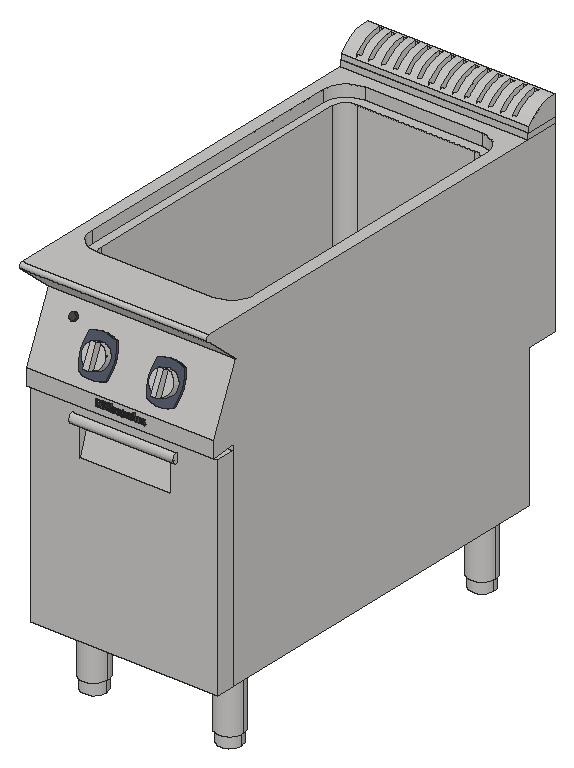
Revit family "QF_ELECTROLUXPROFESSIONAL_391410_E9OOCSBAMC", category Specialty Equipment, Revit 2018
Family settings
  Round Connector Dimension = Use Diameter
  Part Type = Normal
  Work Plane-Based = No
  Always vertical = Yes
  Cut with Voids When Loaded = No
  Shared = No
  Room Calculation Point = No
Parameters (values of type "Standard")
  Weight = 62.00 kg
  Watts = 0 W
  Volts = 0 V
  URL Manufacturer = "http://professional.electrolux.com"
  URL = "http://professional.electrolux.com"
  Steam Supply Size = 0"
  Steam Supply Minimum Pressure = 0.00 psi
  Steam Supply Maximum Pressure = 0.00 psi
  Steam Pounds per Hour = 0
  Show Logo [instance] = yes
  Show Clearance [instance] = yes
  Refrigeration Suction Line Size = 0 mm
  Refrigeration Liquid Line Size = 0 mm
  Refrigerant Compressor Remote = yes
  Phase = 0
  Model = "E9OOCSBAMC"
  Manufacturer = "Electrolux Professional"
  Length Actual = 400 mm  # constant formula
  Item Number = "391410"
  Hot Water Size = 0"
  Height Actual = 850 mm  # constant formula
  HP = "0 HP"
  Gas Size = 1/2"
  Gas KW = 16.5
  Gas Input Pressure = 0.551577 Btu/h
  Direct Waste Size = 1"
  Description = "GAS PASTA COOKER 1X40 LT WELL (AUS)"
  Depth Actual = 930 mm  # constant formula
  Cycle = 0 Hz
  Condensate Return Size = 0"
  Compressed Air Volume = 0 GPM
  Compressed Air Size = 0"
  Compressed Air Pressure = 0.00 psi
  Cold Water Size = 3/4"
  Accessory = yes
Reference planes
  plane 1 "BACK": y = 0
  plane 2: z = 0
  plane 3 "LEFT": x = 0
  plane 4 "RIGHT": x = 400
  plane 5 "FRONT": y = -930
  plane 6 "TOP": z = 908
  plane 7 "Center Y": x = 200
  plane 8 "Center X": y = -465
  plane 9 "BASE": z = 601.763
  plane 10 "TOP A": z = 851
  plane 11: z = 150
  plane 12: y = -126
  plane 13: y = -800
  plane 14: y = -1273
  plane 15: x = 345
  plane 16: x = 55
  plane 17: y = -1273
  plane 18: x = 65
  plane 19: x = 232
  plane 20: x = 334.782
Forms (mm)
  Extrusion 1, solid, material "QF_Finishes_Stainless Steel"
    sketch origin (0, 0, 0) x (0, 1, 0) y (0, 0, 1)
      loop
        line (0, 851) -> (-923.65, 851)
        arc (-923.65, 851) -> (-929.517, 847.08) -> (-928.14, 840.16) r 6.35
        line (-928.14, 840.16) -> (-852.034, 773.495) -> (-912.145, 642.892) -> (-912.145, 608.853) -> (-858.773, 614.463) -> (-858.773, 150) -> (-70, 150) -> (-70, 451.763) -> (0, 451.763) -> (0, 851)
      loop
        line (-900, 601.763) -> (-900, 150) -> (-860.361, 150) -> (-860.361, 601.763) -> (-900, 601.763)
    from 0 to 400
  Extrusion 2, void
    sketch origin (0, 0, 851) x (-1, 0, 0) y (0, -1, 0)
      loop
        arc (-75, 101.89) -> (-39.645, 116.535) -> (-25, 151.89) r 50
        line (-25, 151.89) -> (-25, 770)
        arc (-25, 770) -> (-39.645, 805.355) -> (-75, 820) r 50
        line (-75, 820) -> (-325, 820)
        arc (-325, 820) -> (-360.355, 805.355) -> (-375, 770) r 50
        line (-375, 770) -> (-375, 151.89)
        arc (-375, 151.89) -> (-360.355, 116.535) -> (-325, 101.89) r 50
        line (-325, 101.89) -> (-75, 101.89)
    from 0 to -25
  Extrusion 3, solid, material "QF_Clearances", visible <- "Show Clearance", detail levels coarse
    sketch origin (0, 0, 0) x (1, 0, 0) y (0, 1, 0)
      loop
        line (0, -930) -> (0, 0) -> (400, 0) -> (400, -930) -> (550.019, -930) -> (550.019, 150.019) -> (-150.019, 150.019) -> (-150.019, -930) -> (0, -930)
    from 0 to 908
  Revolve 4, solid, material "QF_Finishes_Stainless Steel"
    sketch origin (0, -126, 608.09) x (0, 0, 1) y (-1, 0, 0)
      loop
        line (-608.09, -55) -> (-458.09, -55) -> (-458.09, -26) -> (-583.09, -26) -> (-583.09, -28.75) -> (-608.09, -28.75) -> (-608.09, -55)
      axis (-608.09, -55) -> (-458.09, -55)
    angle from 0 to 360
  Revolve 5, solid, material "QF_Finishes_Stainless Steel"
    sketch origin (400.05, -126, 608.09) x (0, 0, 1) y (-1, 0, 0)
      loop
        line (-608.09, 55.05) -> (-608.09, 29.8) -> (-583.09, 29.8) -> (-583.09, 26.05) -> (-458.09, 26.05) -> (-458.09, 55.05) -> (-608.09, 55.05)
      axis (-608.09, 55.05) -> (-458.09, 55.05)
    angle from 0 to 360
  Extrusion 6, solid, material "QF_Door-Drawer Clearances", visible <- "Show Clearance", detail levels coarse
    sketch origin (0, 0, 851) x (-1, 0, 0) y (0, -1, 0)
      loop
        line (-400, 1273) -> (-400, 900) -> (-0.912, 900)
        arc (-0.912, 900) -> (-126.87, 1165.233) -> (-400, 1273) r 400
    from -701 to -249.237
  Revolve 7, solid, material "QF_Finishes_Stainless Steel"
    sketch origin (400.05, -800, 608.09) x (0, 0, 1) y (-1, 0, 0)
      loop
        line (-608.09, 55.05) -> (-608.09, 29.8) -> (-583.09, 29.8) -> (-583.09, 26.05) -> (-458.09, 26.05) -> (-458.09, 55.05) -> (-608.09, 55.05)
      axis (-608.09, 55.05) -> (-458.09, 55.05)
    angle from 0 to 360
  Extrusion 8, solid, material "QF_Finishes_Stainless Steel"
    sketch origin (200, 0, 0) x (0, 1, 0) y (0, 0, 1)
      loop
        line (-71.89, 863.9) -> (-71.89, 851) -> (0, 851) -> (0, 863.9) -> (-71.89, 863.9)
    from -200 to 200
  Extrusion 9, void
    sketch origin (200, -12.863, 0) x (0, 1, 0) y (0, 0, 1)
      loop
        line (-887.138, 564.263) -> (-887.138, 500.55) -> (-863.948, 564.263) -> (-887.138, 564.263)
    from -96.424 to 99.144
  Extrusion 10, solid, material "QF_Finishes_Stainless Steel"
    sketch origin (200, -12.863, 22.5) x (0, 1, 0) y (0, 0, 1)
      loop
        line (-887.137, 541.763) -> (-887.137, 561.763)
        arc (-887.137, 561.763) -> (-897.137, 551.763) -> (-887.137, 541.763) r 10
    from -110.529 to 112.106
  Revolve 11, solid, material "QF_Finishes_Stainless Steel"
    sketch origin (0, -800, 608.09) x (0, 0, 1) y (1, 0, 0)
      loop
        line (-608.09, 55) -> (-608.09, 28.75) -> (-583.09, 28.75) -> (-583.09, 26) -> (-458.09, 26) -> (-458.09, 55) -> (-608.09, 55)
      axis (-608.09, 55) -> (-458.09, 55)
    angle from 0 to 360
  Extrusion 12, solid, material "QF_Finishes_Stainless Steel"
    sketch origin (0, 0, 574.263) x (0, 1, 0) y (0, 0, 1)
      loop
        line (0, 289.638) -> (0, 333.737)
        arc (0, 333.737) -> (-39.336, 326.03) -> (-69.85, 300.038) r 79.141
        line (-69.85, 300.038) -> (-69.85, 289.638) -> (0, 289.638)
    from 0 to 400
  Extrusion 13, void
    sketch origin (0, 0, 848.9) x (0, -1, 0) y (1, 0, 0)
      loop
        line (6.761, 28.703) -> (63.911, 28.703) -> (63.911, 37.999) -> (6.761, 37.999) -> (6.761, 28.703)
      loop
        line (63.911, 63.487) -> (6.761, 63.487) -> (6.761, 54.191) -> (63.911, 54.191) -> (63.911, 63.487)
      loop
        line (63.911, 89.975) -> (6.761, 89.975) -> (6.761, 80.68) -> (63.911, 80.68) -> (63.911, 89.975)
      loop
        line (63.911, 115.464) -> (6.761, 115.464) -> (6.761, 106.168) -> (63.911, 106.168) -> (63.911, 115.464)
      loop
        line (63.911, 140.952) -> (6.761, 140.952) -> (6.761, 131.656) -> (63.911, 131.656) -> (63.911, 140.952)
      loop
        line (63.911, 166.44) -> (6.761, 166.44) -> (6.761, 157.145) -> (63.911, 157.145) -> (63.911, 166.44)
      loop
        line (63.911, 191.929) -> (6.761, 191.929) -> (6.761, 182.633) -> (63.911, 182.633) -> (63.911, 191.929)
      loop
        line (63.911, 217.417) -> (6.761, 217.417) -> (6.761, 208.121) -> (63.911, 208.121) -> (63.911, 217.417)
      loop
        line (63.911, 242.905) -> (6.761, 242.905) -> (6.761, 233.61) -> (63.911, 233.61) -> (63.911, 242.905)
      loop
        line (63.911, 268.394) -> (6.761, 268.394) -> (6.761, 259.098) -> (63.911, 259.098) -> (63.911, 268.394)
      loop
        line (63.911, 293.882) -> (6.761, 293.882) -> (6.761, 284.586) -> (63.911, 284.586) -> (63.911, 293.882)
      loop
        line (63.911, 319.37) -> (6.761, 319.37) -> (6.761, 310.075) -> (63.911, 310.075) -> (63.911, 319.37)
      loop
        line (63.911, 345.859) -> (6.761, 345.859) -> (6.761, 336.563) -> (63.911, 336.563) -> (63.911, 345.859)
      loop
        line (63.911, 370.347) -> (6.761, 370.347) -> (6.761, 361.051) -> (63.911, 361.051) -> (63.911, 370.347)
    from 25.4 to 63.5
  Extrusion 14, solid, material "QF_Finishes_Navy Blue", visible <- "Show Logo"
    sketch origin (0, -912.145, 608.853) x (0, 0, 1) y (-1, 0, 0)
      loop
        line (27.359, -159.055) -> (14.993, -159.055)
        arc (14.993, -159.055) -> (21.176, -163.626) -> (27.359, -159.055) r 6.467
      loop
        arc (27.359, -158.426) -> (26.19, -153.283) -> (21.534, -150.805) r 6.338
        line (21.534, -150.805) -> (21.534, -152.851)
        arc (21.534, -152.851) -> (23.018, -156.506) -> (26.464, -158.426) r 5.941
        line (26.464, -158.426) -> (27.359, -158.426)
      loop
        arc (15.888, -158.426) -> (19.334, -156.506) -> (20.817, -152.851) r 5.941
        line (20.817, -152.851) -> (20.817, -150.805)
        arc (20.817, -150.805) -> (16.123, -153.279) -> (14.834, -158.426) r 6.504
        line (14.834, -158.426) -> (15.888, -158.426)
      loop
        line (28.034, -150.336) -> (14.29, -150.336) -> (14.29, -164.099) -> (28.034, -164.099) -> (28.034, -150.336)
      loop
        arc (28.118, -167.066) -> (27.77, -166.709) -> (27.403, -167.047) r 0.358
        arc (27.403, -167.047) -> (27.089, -167.797) -> (26.372, -168.182) r 1.216
        line (26.372, -168.182) -> (15.959, -168.182)
        arc (15.959, -168.182) -> (15.299, -167.904) -> (14.903, -167.308) r 1.238
        arc (14.903, -167.308) -> (14.509, -167.057) -> (14.203, -167.411) r 0.358
        line (14.203, -167.411) -> (14.203, -177.29) -> (16.954, -177.29) -> (16.954, -176.393)
        arc (16.954, -176.393) -> (16.045, -175.813) -> (15.589, -174.836) r 1.928
        line (15.589, -174.836) -> (15.589, -172.337)
        arc (15.589, -172.337) -> (15.865, -171.608) -> (16.553, -171.244) r 1.101
        line (16.553, -171.244) -> (20.64, -171.244) -> (20.64, -174.917)
        arc (20.64, -174.917) -> (20.287, -175.414) -> (19.722, -175.642) r 1.083
        arc (19.722, -175.642) -> (19.459, -175.948) -> (19.751, -176.226) r 0.292
        line (19.751, -176.226) -> (22.713, -176.226)
        arc (22.713, -176.226) -> (23.016, -175.953) -> (22.777, -175.623) r 0.305
        arc (22.777, -175.623) -> (22.286, -175.375) -> (21.981, -174.917) r 1.083
        line (21.981, -174.917) -> (21.981, -171.244) -> (26.659, -171.244) -> (26.659, -174.991)
        arc (26.659, -174.991) -> (26.444, -175.747) -> (25.838, -176.245) r 1.314
        arc (25.838, -176.245) -> (25.619, -176.649) -> (25.973, -176.941) r 0.361
        line (25.973, -176.941) -> (28.118, -176.941) -> (28.118, -167.066)
      loop
        arc (27.4, -177.722) -> (27.02, -178.641) -> (26.101, -179.021) r 1.299
        line (26.101, -179.021) -> (16.522, -179.021)
        arc (16.522, -179.021) -> (15.684, -178.643) -> (15.413, -177.765) r 1.118
        line (15.413, -177.765) -> (14.203, -177.765) -> (14.203, -183.115) -> (15.391, -183.115)
        arc (15.391, -183.115) -> (15.663, -182.198) -> (16.533, -181.802) r 1.153
        line (16.533, -181.802) -> (28.605, -181.802) -> (27.4, -177.722)
      loop
        line (19.168, -185.751) -> (19.168, -192.198) -> (19.967, -192.198)
        arc (19.967, -192.198) -> (22.547, -191.214) -> (23.816, -188.76) r 3.874
        line (23.816, -188.76) -> (23.816, -187)
        arc (23.816, -187) -> (22.629, -184.135) -> (19.765, -182.949) r 4.051
        line (19.765, -182.949) -> (17.757, -182.949)
        arc (17.757, -182.949) -> (14.938, -184.434) -> (13.887, -187.441) r 4.352
        arc (13.887, -187.441) -> (14.251, -189.904) -> (15.629, -191.978) r 5.713
        line (15.629, -191.978) -> (16.578, -191.978)
        arc (16.578, -191.978) -> (15.845, -190.409) -> (15.629, -188.691) r 5.579
        arc (15.629, -188.691) -> (16.422, -186.728) -> (18.301, -185.751) r 3.057
        line (18.301, -185.751) -> (19.168, -185.751)
      loop
        line (20.427, -185.751) -> (20.427, -189.333)
        arc (20.427, -189.333) -> (21.884, -189.38) -> (22.767, -188.221) r 1.59
        line (22.767, -188.221) -> (22.767, -187.391)
        arc (22.767, -187.391) -> (21.902, -186.136) -> (20.427, -185.751) r 2.184
      loop
        arc (23.218, -201.616) -> (23.707, -199.942) -> (23.864, -198.205) r 9.023
        line (23.864, -198.205) -> (23.864, -196.843)
        arc (23.864, -196.843) -> (22.705, -194.043) -> (19.905, -192.883) r 3.959
        line (19.905, -192.883) -> (17.305, -192.883)
        arc (17.305, -192.883) -> (15.023, -194.176) -> (13.906, -196.549) r 4.331
        line (13.906, -196.549) -> (13.906, -198.684)
        arc (13.906, -198.684) -> (14.414, -200.234) -> (15.336, -201.58) r 5.772
        arc (15.336, -201.58) -> (16.098, -201.631) -> (16.184, -200.872) r 0.553
        arc (16.184, -200.872) -> (15.796, -200.138) -> (15.662, -199.319) r 2.573
        line (15.662, -199.319) -> (15.662, -197.804)
        arc (15.662, -197.804) -> (16.668, -196.162) -> (18.483, -195.52) r 2.884
        line (18.483, -195.52) -> (19.762, -195.52)
        arc (19.762, -195.52) -> (21.583, -196.08) -> (22.509, -197.745) r 2.554
        line (22.509, -197.745) -> (22.509, -198.798)
        arc (22.509, -198.798) -> (22.178, -199.726) -> (21.521, -200.461) r 2.564
        arc (21.521, -200.461) -> (21.299, -201.178) -> (21.909, -201.616) r 0.643
        line (21.909, -201.616) -> (23.218, -201.616)
      loop
        line (22.2, -201.886) -> (22.2, -203.387) -> (16.152, -203.387)
        arc (16.152, -203.387) -> (14.564, -204.045) -> (13.906, -205.633) r 2.246
        line (13.906, -205.633) -> (13.906, -207.217)
        arc (13.906, -207.217) -> (14.22, -208.081) -> (14.72, -208.853) r 4.06
        arc (14.72, -208.853) -> (15.453, -208.986) -> (15.704, -208.285) r 0.576
        arc (15.704, -208.285) -> (15.598, -207.759) -> (15.662, -207.227) r 1.69
        arc (15.662, -207.227) -> (16.204, -206.439) -> (17.11, -206.136) r 1.506
        line (17.11, -206.136) -> (22.248, -206.136) -> (22.248, -208.533) -> (22.805, -209.089) -> (23.626, -209.089) -> (23.626, -206.23) -> (26.857, -206.23) -> (22.2, -201.886)
      loop
        line (14.124, -209.987) -> (14.124, -215.374) -> (15.234, -215.374)
        arc (15.234, -215.374) -> (15.627, -214.423) -> (16.578, -214.029) r 1.345
        line (16.578, -214.029) -> (20.195, -214.029)
        arc (20.195, -214.029) -> (20.959, -214.621) -> (21.249, -215.543) r 1.615
        line (21.249, -215.543) -> (21.249, -217.099) -> (23.805, -217.784) -> (23.805, -216.401) -> (21.862, -213.842) -> (23.742, -213.842) -> (23.458, -211.136)
        arc (23.458, -211.136) -> (23.018, -210.606) -> (22.359, -210.807) r 0.621
        arc (22.359, -210.807) -> (21.959, -211.149) -> (21.465, -211.332) r 1.501
        line (21.465, -211.332) -> (16.578, -211.332)
        arc (16.578, -211.332) -> (15.627, -210.938) -> (15.234, -209.987) r 1.345
        line (15.234, -209.987) -> (14.124, -209.987)
      loop
        line (20.225, -217.321) -> (17.533, -217.321)
        arc (17.533, -217.321) -> (15.088, -218.629) -> (13.954, -221.159) r 4.288
        arc (13.954, -221.159) -> (13.89, -222.54) -> (13.954, -223.92) r 15.022
        arc (13.954, -223.92) -> (15.088, -226.451) -> (17.533, -227.758) r 4.288
        line (17.533, -227.758) -> (20.225, -227.758)
        arc (20.225, -227.758) -> (22.671, -226.451) -> (23.805, -223.92) r 4.288
        arc (23.805, -223.92) -> (23.868, -222.54) -> (23.805, -221.159) r 15.022
        arc (23.805, -221.159) -> (22.671, -218.629) -> (20.225, -217.321) r 4.288
      loop
        line (20.43, -220.435) -> (17.328, -220.435)
        arc (17.328, -220.435) -> (15.171, -222.592) -> (17.328, -224.749) r 2.157
        line (17.328, -224.749) -> (20.43, -224.749)
        arc (20.43, -224.749) -> (22.587, -222.592) -> (20.43, -220.435) r 2.157
      loop
        arc (27.411, -227.616) -> (27.041, -228.51) -> (26.147, -228.881) r 1.264
        line (26.147, -228.881) -> (16.282, -228.881)
        arc (16.282, -228.881) -> (15.412, -228.484) -> (15.141, -227.568) r 1.153
        line (15.141, -227.568) -> (14.203, -227.568) -> (14.203, -232.676) -> (15.131, -232.676)
        arc (15.131, -232.676) -> (15.49, -231.904) -> (16.282, -231.589) r 1.153
        line (16.282, -231.589) -> (28.605, -231.589) -> (27.411, -227.616)
      loop
        arc (22.531, -232.213) -> (22.332, -233.278) -> (21.363, -233.76) r 1.215
        line (21.363, -233.76) -> (16.343, -233.76)
        arc (16.343, -233.76) -> (14.728, -234.407) -> (14.008, -235.99) r 2.338
        line (14.008, -235.99) -> (14.008, -237.505)
        arc (14.008, -237.505) -> (14.182, -238.509) -> (14.684, -239.395) r 2.979
        line (14.684, -239.395) -> (14.203, -241.192) -> (14.203, -242.88) -> (23.629, -242.88) -> (23.335, -238.677) -> (22.548, -238.677)
        arc (22.548, -238.677) -> (22.192, -239.513) -> (21.44, -240.022) r 1.605
        line (21.44, -240.022) -> (16.337, -240.022)
        arc (16.337, -240.022) -> (15.917, -239.085) -> (15.844, -238.061) r 2.94
        arc (15.844, -238.061) -> (16.405, -236.96) -> (17.558, -236.517) r 1.724
        line (17.558, -236.517) -> (23.755, -236.517) -> (22.531, -232.213)
      loop
        line (23.559, -243.734) -> (21.887, -245.78) -> (18.713, -248.086) -> (15.257, -244.974)
        arc (15.257, -244.974) -> (15.02, -244.58) -> (15.042, -244.121) r 0.789
        line (15.042, -244.121) -> (14.203, -244.121) -> (14.203, -247.666) -> (15.029, -247.666)
        arc (15.029, -247.666) -> (15.372, -247.304) -> (15.862, -247.396) r 0.52
        line (15.862, -247.396) -> (17.661, -248.867) -> (15.543, -250.242)
        arc (15.543, -250.242) -> (15.142, -249.932) -> (15.055, -249.433) r 0.7
        line (15.055, -249.433) -> (14.203, -249.433) -> (14.203, -255.36) -> (15.09, -255.36)
        arc (15.09, -255.36) -> (15.157, -254.701) -> (15.552, -254.17) r 1.247
        line (15.552, -254.17) -> (19.751, -250.889) -> (22.198, -252.942) -> (23.559, -254.684) -> (23.559, -250.96) -> (22.074, -251.383) -> (20.553, -250.106) -> (22.253, -248.916) -> (23.559, -249.692) -> (23.559, -243.734)
    from 0 to 1.644
  Extrusion 15, void
    sketch origin (0, 0, 791) x (0, 1, 0) y (-1, 0, 0)
      loop
        arc (-121.89, -75) -> (-130.677, -53.787) -> (-151.89, -45) r 30
        line (-151.89, -45) -> (-606.643, -45)
        arc (-606.643, -45) -> (-627.856, -53.787) -> (-636.643, -75) r 30
        line (-636.643, -75) -> (-636.643, -325)
        arc (-636.643, -325) -> (-627.856, -346.213) -> (-606.643, -355) r 30
        line (-606.643, -355) -> (-151.89, -355)
        arc (-151.89, -355) -> (-130.677, -346.213) -> (-121.89, -325) r 30
        line (-121.89, -325) -> (-121.89, -75)
    from 35 to -339.237
  Extrusion 16, void
    sketch origin (0, -1273.285, 791) x (0, 1, 0) y (-1, 0, 0)
      loop
        line (473.285, -75) -> (473.285, -325)
        arc (473.285, -325) -> (482.072, -346.213) -> (503.285, -355) r 30
        line (503.285, -355) -> (666.643, -355)
        arc (666.643, -355) -> (645.429, -346.213) -> (636.643, -325) r 30
        line (636.643, -325) -> (636.643, -75)
        arc (636.643, -75) -> (645.429, -53.787) -> (666.643, -45) r 30
        line (666.643, -45) -> (503.285, -45)
        arc (503.285, -45) -> (482.072, -53.787) -> (473.285, -75) r 30
    from 35 to -189.237
  Extrusion 17, solid, material "QF_Finishes_Stainless Steel"
    sketch origin (0, 0, 0) x (1, 0, 0) y (0, 1, 0)
      loop
        circle (232, -780) r 12.7
    from 176 to 292.788
  Extrusion 18, solid, material "QF_Finishes_Stainless Steel"
    sketch origin (-72.372, 89.372, 0) x (1, 0, 0) y (0, 1, 0)
      loop
        circle (137.372, -792.372) r 6.35
    from 190 to 292.788
  Extrusion 19, solid, material "QF_Finishes_Stainless Steel"
    sketch origin (152.628, 92.372, 0) x (1, 0, 0) y (0, 1, 0)
      loop
        circle (182.372, -792.372) r 9.525
    from 200 to 331.575
  Extrusion 20, solid, material "QF_Finishes_Navy Blue"
    sketch origin (-405.52, -913.486, 639.979) x (0, 0.418102, 0.9084) y (-1, 0, 0)
      loop
        arc (102.623, -510.47) -> (67.041, -502.846) -> (31.333, -509.853) r 90.5
        arc (31.333, -509.853) -> (24.507, -539.04) -> (31.333, -568.228) r 65.817
        arc (31.333, -568.228) -> (67.04, -575.188) -> (102.623, -567.615) r 91.066
        arc (102.623, -567.615) -> (109.179, -539.043) -> (102.623, -510.47) r 65.546
    from 0 to 3.175
  Extrusion 21, solid, material "QF_Finishes_Stainless Steel"
    sketch origin (-26.77, -917.2, 639.505) x (0, 0.418102, 0.9084) y (-1, 0, 0)
      loop
        circle (68.826, -160.963) r 25.4
    from 0 to 12.7
  Extrusion 22, solid, material "QF_Finishes_Stainless Steel"
    sketch origin (-26.77, -928.736, 644.814) x (0, 0.418102, 0.9084) y (-1, 0, 0)
      loop
        arc (93.558, -166.749) -> (94.226, -160.963) -> (93.558, -155.177) r 25.4
        line (93.558, -155.177) -> (44.094, -155.177)
        arc (44.094, -155.177) -> (43.426, -160.963) -> (44.094, -166.749) r 25.4
        line (44.094, -166.749) -> (93.558, -166.749)
    from 0 to 12.7
  Extrusion 23, solid, material "QF_Finishes_Navy Blue"
    sketch origin (-260.52, -913.486, 639.979) x (0, 0.418102, 0.9084) y (-1, 0, 0)
      loop
        arc (102.623, -510.47) -> (67.041, -502.846) -> (31.333, -509.853) r 90.5
        arc (31.333, -509.853) -> (24.507, -539.04) -> (31.333, -568.228) r 65.817
        arc (31.333, -568.228) -> (67.04, -575.188) -> (102.623, -567.615) r 91.066
        arc (102.623, -567.615) -> (109.179, -539.043) -> (102.623, -510.47) r 65.546
    from 0 to 3.175
  Extrusion 24, solid, material "QF_Finishes_Stainless Steel"
    sketch origin (118.23, -917.2, 639.505) x (0, 0.418102, 0.9084) y (-1, 0, 0)
      loop
        circle (68.826, -160.963) r 25.4
    from 0 to 12.7
  Extrusion 25, solid, material "QF_Finishes_Stainless Steel"
    sketch origin (118.23, -928.736, 644.814) x (0, 0.418102, 0.9084) y (-1, 0, 0)
      loop
        arc (93.558, -166.749) -> (94.226, -160.963) -> (93.558, -155.177) r 25.4
        line (93.558, -155.177) -> (44.094, -155.177)
        arc (44.094, -155.177) -> (43.426, -160.963) -> (44.094, -166.749) r 25.4
        line (44.094, -166.749) -> (93.558, -166.749)
    from 0 to 12.7
  Extrusion 26, solid, material "QF_Finishes_Black"
    sketch origin (-36.317, -915, 636.69) x (0, 0.418102, 0.9084) y (-1, 0, 0)
      loop
        circle (117.556, -101.317) r 7.5
    from 0 to 4
Cuts and joins
  Extrusion 2, Extrusion 9, Extrusion 15, Extrusion 16 cuts Extrusion 1
  Extrusion 13 cuts Extrusion 12
Lines and regions (mm)
  Split face 1
    outline origin (-405.52, -916.37, 641.306) x (0, 0.418102, 0.9084) y (-1, 0, 0)
      loop
        arc (67.041, -503.158) -> (48.669, -506.69) -> (35.363, -519.842) r 32.191
        line (35.363, -519.842) -> (45.047, -525.087)
        arc (45.047, -525.087) -> (54.648, -516.737) -> (67.041, -513.859) r 26.351
        line (67.041, -513.859) -> (67.041, -503.158)
  Split face 2
    outline origin (-405.52, -916.37, 641.306) x (0, 0.418102, 0.9084) y (-1, 0, 0)
      loop
        line (44.251, -526.293) -> (34.615, -521.075)
        arc (34.615, -521.075) -> (41.047, -560.592) -> (81.049, -562.261) r 31.684
        arc (81.049, -562.261) -> (48.21, -559.05) -> (44.251, -526.293) r 26.351
  Split face 3
    outline origin (-260.52, -916.37, 641.306) x (0, 0.418102, 0.9084) y (-1, 0, 0)
      loop
        arc (67.041, -503.158) -> (48.669, -506.69) -> (35.363, -519.842) r 32.191
        line (35.363, -519.842) -> (45.047, -525.087)
        arc (45.047, -525.087) -> (54.648, -516.737) -> (67.041, -513.859) r 26.351
        line (67.041, -513.859) -> (67.041, -503.158)
  Split face 4
    outline origin (-260.52, -916.37, 641.306) x (0, 0.418102, 0.9084) y (-1, 0, 0)
      loop
        line (44.251, -526.293) -> (34.615, -521.075)
        arc (34.615, -521.075) -> (41.047, -560.592) -> (81.049, -562.261) r 31.684
        arc (81.049, -562.261) -> (48.21, -559.05) -> (44.251, -526.293) r 26.351
  symbolic lines, style "QF_Clearances", visible <- "Show Clearance", detail levels coarse
    curve 1: line (-150.019, 150.019, 851) -> (-150.019, -930, 851)
    curve 2: line (550.019, 150.019, 851) -> (-150.019, 150.019, 851)
    curve 3: line (550.019, -930, 851) -> (550.019, 150.019, 851)
  symbolic lines
    curve 4: line (0, -930, 851) -> (0, 0, 851)
    curve 5: line (400, 0, 851) -> (400, -930, 851)
    curve 6: line (400, -930, 851) -> (0, -930, 851)
    curve 9: line (0, -71.89, 851) -> (400, -71.89, 851)
    curve 10: line (0, 0, 851) -> (400, 0, 851)
    curve 11: line (28.703, -6.761, 851) -> (37.999, -6.761, 851)
    curve 12: line (28.703, -63.911, 851) -> (28.703, -6.761, 851)
    curve 13: line (37.999, -63.911, 851) -> (28.703, -63.911, 851)
    curve 14: line (37.999, -6.761, 851) -> (37.999, -63.911, 851)
    curve 15: line (54.191, -6.761, 851) -> (63.487, -6.761, 851)
    curve 16: line (54.191, -63.911, 851) -> (54.191, -6.761, 851)
    curve 17: line (63.487, -63.911, 851) -> (54.191, -63.911, 851)
    curve 18: line (63.487, -6.761, 851) -> (63.487, -63.911, 851)
    curve 19: line (80.68, -6.761, 851) -> (89.975, -6.761, 851)
    curve 20: line (80.68, -63.911, 851) -> (80.68, -6.761, 851)
    curve 21: line (89.975, -63.911, 851) -> (80.68, -63.911, 851)
    curve 22: line (89.975, -6.761, 851) -> (89.975, -63.911, 851)
    curve 23: line (106.168, -6.761, 851) -> (115.464, -6.761, 851)
    curve 24: line (106.168, -63.911, 851) -> (106.168, -6.761, 851)
    curve 25: line (115.464, -63.911, 851) -> (106.168, -63.911, 851)
    curve 26: line (115.464, -6.761, 851) -> (115.464, -63.911, 851)
    curve 27: line (131.656, -6.761, 851) -> (140.952, -6.761, 851)
    curve 28: line (131.656, -63.911, 851) -> (131.656, -6.761, 851)
    curve 29: line (140.952, -63.911, 851) -> (131.656, -63.911, 851)
    curve 30: line (140.952, -6.761, 851) -> (140.952, -63.911, 851)
    curve 31: line (157.145, -6.761, 851) -> (166.44, -6.761, 851)
    curve 32: line (157.145, -63.911, 851) -> (157.145, -6.761, 851)
    curve 33: line (166.44, -63.911, 851) -> (157.145, -63.911, 851)
    curve 34: line (166.44, -6.761, 851) -> (166.44, -63.911, 851)
    curve 35: line (182.633, -6.761, 851) -> (191.929, -6.761, 851)
    curve 36: line (182.633, -63.911, 851) -> (182.633, -6.761, 851)
    curve 37: line (191.929, -63.911, 851) -> (182.633, -63.911, 851)
    curve 38: line (191.929, -6.761, 851) -> (191.929, -63.911, 851)
    curve 39: line (208.121, -6.761, 851) -> (218.417, -6.761, 851)
    curve 40: line (208.121, -63.911, 851) -> (208.121, -6.761, 851)
    curve 41: line (218.417, -63.911, 851) -> (208.121, -63.911, 851)
    curve 42: line (218.417, -6.761, 851) -> (218.417, -63.911, 851)
    curve 43: line (234.61, -6.761, 851) -> (243.905, -6.761, 851)
    curve 44: line (234.61, -63.911, 851) -> (234.61, -6.761, 851)
    curve 45: line (243.905, -63.911, 851) -> (234.61, -63.911, 851)
    curve 46: line (243.905, -6.761, 851) -> (243.905, -63.911, 851)
    curve 47: line (260.098, -6.761, 851) -> (269.394, -6.761, 851)
    curve 48: line (260.098, -63.911, 851) -> (260.098, -6.761, 851)
    curve 49: line (269.394, -63.911, 851) -> (260.098, -63.911, 851)
    curve 50: line (269.394, -6.761, 851) -> (269.394, -63.911, 851)
    curve 51: line (285.586, -6.761, 851) -> (294.882, -6.761, 851)
    curve 52: line (285.586, -63.911, 851) -> (285.586, -6.761, 851)
    curve 53: line (294.882, -63.911, 851) -> (285.586, -63.911, 851)
    curve 54: line (294.882, -6.761, 851) -> (294.882, -63.911, 851)
    curve 55: line (311.075, -6.761, 851) -> (320.37, -6.761, 851)
    curve 56: line (311.075, -63.911, 851) -> (311.075, -6.761, 851)
    curve 57: line (320.37, -63.911, 851) -> (311.075, -63.911, 851)
    curve 58: line (320.37, -6.761, 851) -> (320.37, -63.911, 851)
    curve 59: line (336.563, -6.761, 851) -> (345.859, -6.761, 851)
    curve 60: line (336.563, -63.911, 851) -> (336.563, -6.761, 851)
    curve 61: line (345.859, -63.911, 851) -> (336.563, -63.911, 851)
    curve 62: line (345.859, -6.761, 851) -> (345.859, -63.911, 851)
    curve 63: line (361.051, -6.761, 851) -> (370.347, -6.761, 851)
    curve 64: line (361.051, -63.911, 851) -> (361.051, -6.761, 851)
    curve 65: line (370.347, -63.911, 851) -> (361.051, -63.911, 851)
    curve 66: line (370.347, -6.761, 851) -> (370.347, -63.911, 851)
    curve 67: line (25, -770, 851) -> (25, -151.89, 851)
    curve 68: arc (25, -151.89, 851) -> (39.645, -116.535, 851) -> (75, -101.89, 851) r 50
    curve 69: line (75, -101.89, 851) -> (325, -101.89, 851)
    curve 70: arc (325, -101.89, 851) -> (360.355, -116.535, 851) -> (375, -151.89, 851) r 50
    curve 71: line (375, -151.89, 851) -> (375, -770, 851)
    curve 72: arc (375, -770, 851) -> (360.355, -805.355, 851) -> (325, -820, 851) r 50
    curve 73: line (325, -820, 851) -> (75, -820, 851)
    curve 74: arc (75, -820, 851) -> (39.645, -805.355, 851) -> (25, -770, 851) r 50
    curve 75: line (75, -121.89, 851) -> (325, -121.89, 851)
    curve 76: arc (325, -121.89, 851) -> (346.213, -130.677, 851) -> (355, -151.89, 851) r 30
    curve 77: line (355, -151.89, 851) -> (355, -770, 851)
    curve 78: arc (355, -770, 851) -> (346.213, -791.213, 851) -> (325, -800, 851) r 30
    curve 79: line (325, -800, 851) -> (75, -800, 851)
    curve 80: arc (75, -800, 851) -> (53.787, -791.213, 851) -> (45, -770, 851) r 30
    curve 81: line (45, -770, 851) -> (45, -151.89, 851)
    curve 82: arc (45, -151.89, 851) -> (53.787, -130.677, 851) -> (75, -121.89, 851) r 30
    curve 83: line (75, -636.643, 851) -> (325, -636.643, 851)
    curve 84: arc (45, -606.643, 851) -> (53.787, -627.856, 851) -> (75, -636.643, 851) r 30
    curve 85: arc (325, -636.643, 851) -> (346.213, -627.856, 851) -> (355, -606.643, 851) r 30
    curve 86: line (65, -606.643, 851) -> (65, -151.89, 851)
    curve 87: line (75, -616.643, 851) -> (325, -616.643, 851)
    curve 88: arc (65, -606.643, 851) -> (67.929, -613.714, 851) -> (75, -616.643, 851) r 10
    curve 89: arc (325, -616.643, 851) -> (332.071, -613.714, 851) -> (335, -606.643, 851) r 10
    curve 90: line (335, -151.89, 851) -> (335, -606.643, 851)
    curve 91: arc (325, -141.89, 851) -> (332.071, -144.819, 851) -> (335, -151.89, 851) r 10
    curve 92: line (75, -141.89, 851) -> (325, -141.89, 851)
    curve 93: arc (65, -151.89, 851) -> (67.929, -144.819, 851) -> (75, -141.89, 851) r 10
  symbolic lines, style "QF_Door-Drawer Clearances"
    curve 7: arc (4.082, -930, 851) -> (23.737, -1008.742, 851) -> (58.881, -1081.897, 851) r 400
    curve 8: line (58.881, -1081.897, 851) -> (326.76, -930, 851)
Dimensions and locks
  equal spacing: plane 3 "LEFT", plane 7 "Center Y", plane 4 "RIGHT"
  plane 3 "LEFT" to plane 4 "RIGHT" = 400 mm
  equal spacing: plane 5 "FRONT", plane 8 "Center X", plane 1 "BACK"
  plane 5 "FRONT" to plane 1 "BACK" = 930 mm  (x2)
  plane 1 "BACK" to plane 5 "FRONT" = 930 mm
  plane 11 to level = 150 mm
  plane 1 "BACK" to plane 12 = 126 mm
  plane 12 to plane 13 to cut or joined group of Extrusion 1, Extrusion 2, Extrusion 9, Extrusion 15, Extrusion 16 = 674 mm, 100 mm
  locked: plane 14 to plane 5 "FRONT" at 343
  plane 4 "RIGHT" to plane 15 = 55 mm
  plane 16 to plane 3 "LEFT" = 55 mm
  plane 4 "RIGHT" to plane 3 "LEFT" = 400 mm
  plane 5 "FRONT" to plane 17 = 343 mm
  plane 1 "BACK" to curve 2 = 150.019 mm
  plane 4 "RIGHT" to curve 3 = 150.019 mm
  curve 1 to plane 3 "LEFT" = 150.019 mm
  plane 10 "TOP A" to level = 851 mm
  plane 10 "TOP A" to plane 11 = 701 mm
  plane 10 "TOP A" to plane 11 to level = 701 mm, 150 mm
  plane 6 "TOP" to level = 908 mm
  plane 15 to plane 16 = 290 mm
  plane 3 "LEFT" to Extrusion 17 sketch curve = 232 mm
  Extrusion 17 sketch curve to plane 1 "BACK" = 780 mm
  cut or joined group of Extrusion 1, Extrusion 2, Extrusion 9, Extrusion 15, Extrusion 16 to Extrusion 17 = 26 mm
  plane 3 "LEFT" to Extrusion 18 sketch curve = 65 mm
  Extrusion 18 sketch curve to plane 1 "BACK" = 703 mm
  cut or joined group of Extrusion 1, Extrusion 2, Extrusion 9, Extrusion 15, Extrusion 16 to Extrusion 18 = 40 mm
  Extrusion 18 to plane 1 "BACK" = 703 mm
  Extrusion 17 to plane 1 "BACK" = 780 mm
  plane 3 "LEFT" to plane 18 = 65 mm
  plane 3 "LEFT" to plane 19 = 232 mm
  plane 20 to plane 4 "RIGHT" = 65.218 mm
  Extrusion 19 to plane 1 "BACK" = 700 mm
  cut or joined group of Extrusion 1, Extrusion 2, Extrusion 9, Extrusion 15, Extrusion 16 to Extrusion 19 = 50 mm
  plane 1 "BACK" to Extrusion 19 = 700 mm
  plane 1 "BACK" to Extrusion 18 = 703 mm
  plane 1 "BACK" to Extrusion 17 = 780 mm
  aligned and locked: level to plane 2
  aligned and locked: plane 4 "RIGHT" to Extrusion 1
  aligned and locked: plane 6 "TOP" to Extrusion 3
  aligned and locked: plane 13 to Revolve 7
  aligned and locked: plane 12 to Revolve 4
  aligned and locked: plane 12 to Revolve 5
  aligned and locked: plane 4 "RIGHT" to Extrusion 8
  aligned and locked: plane 14 to Extrusion 6 sketch curve
  aligned and locked: plane 13 to Revolve 11
Automatic sketch dimensions
  Extrusion 1 sketch curve to plane 10 "TOP A" = 0 mm
  Extrusion 1 sketch curve to plane 9 "BASE" = 0 mm
  Extrusion 1 sketch curve to plane 11 = 0 mm  (x2)
  Extrusion 1 sketch curve to plane 1 "BACK" = 0 mm
  Extrusion 1 sketch curve to plane 12 = 56 mm
  plane 13 to Extrusion 1 sketch curve = 52.034 mm
  plane 13 to Extrusion 1 sketch curve = 58.773 mm
  Extrusion 1 sketch curve to Extrusion 1 sketch curve = 1.588 mm
  Extrusion 1 sketch curve to plane 5 "FRONT" = 30 mm
  plane 9 "BASE" to Extrusion 1 sketch curve = 7.09 mm
  Extrusion 1 sketch curve to Extrusion 1 sketch curve = 12.145 mm
  Extrusion 1 sketch curve to plane 5 "FRONT" = 6.35 mm
  Extrusion 1 sketch curve to plane 5 "FRONT" = 1.86 mm
  Extrusion 1 sketch curve to plane 9 "BASE" = 150 mm
  plane 9 "BASE" to Extrusion 1 sketch curve = 12.7 mm
  Extrusion 1 sketch curve to Extrusion 1 sketch curve = 34.039 mm
  Extrusion 1 sketch curve to plane 10 "TOP A" = 77.505 mm
  Extrusion 1 sketch curve to plane 10 "TOP A" = 10.84 mm
  Extrusion 2 sketch curve to plane 4 "RIGHT" = 25 mm
  plane 20 to Extrusion 2 sketch curve = 9.782 mm  (x2)
  Extrusion 2 sketch curve to plane 18 = 10 mm  (x2)
  plane 3 "LEFT" to Extrusion 2 sketch curve = 25 mm
  Extrusion 2 sketch curve to plane 12 = 24.11 mm
  Extrusion 2 sketch curve to plane 13 = 30 mm
  plane 5 "FRONT" to Extrusion 3 sketch curve = 0 mm  (x2)
  plane 1 "BACK" to Extrusion 3 sketch curve = 0 mm
  Extrusion 3 sketch curve to plane 3 "LEFT" = 0 mm
  Extrusion 3 sketch curve to plane 4 "RIGHT" = 0 mm
  Extrusion 3 sketch curve to plane 3 "LEFT" = 150.019 mm
  plane 4 "RIGHT" to Extrusion 3 sketch curve = 150.019 mm
  Extrusion 3 sketch curve to plane 1 "BACK" = 150.019 mm
  Revolve 4 sketch curve to level = 0 mm
  Revolve 4 sketch curve to plane 11 = 0 mm  (x2)
  Revolve 4 sketch curve to plane 16 = 0 mm  (x2)
  level to Revolve 4 sketch curve = 25 mm
  plane 11 to Revolve 4 sketch curve = 20 mm
  Revolve 4 sketch curve to plane 16 = 26.25 mm
  plane 3 "LEFT" to Revolve 4 sketch curve = 26 mm
  Revolve 5 sketch curve to level = 0 mm
  Revolve 5 sketch curve to plane 11 = 0 mm  (x2)
  Revolve 5 sketch curve to plane 15 = 0 mm  (x2)
  level to Revolve 5 sketch curve = 25 mm
  plane 11 to Revolve 5 sketch curve = 20 mm
  plane 15 to Revolve 5 sketch curve = 25.25 mm
  Revolve 5 sketch curve to plane 4 "RIGHT" = 26 mm
  Extrusion 6 sketch curve to plane 4 "RIGHT" = 0 mm
  plane 3 "LEFT" to Extrusion 6 sketch curve = 0.912 mm
  Extrusion 6 sketch curve to plane 5 "FRONT" = 30 mm
  Revolve 7 sketch curve to level = 0 mm
  Revolve 7 sketch curve to plane 11 = 0 mm  (x2)
  Revolve 7 sketch curve to plane 15 = 0 mm  (x2)
  level to Revolve 7 sketch curve = 25 mm
  plane 11 to Revolve 7 sketch curve = 20 mm
  plane 15 to Revolve 7 sketch curve = 25.25 mm
  Revolve 7 sketch curve to plane 4 "RIGHT" = 26 mm
  Extrusion 8 sketch curve to plane 10 "TOP A" = 0 mm
  Extrusion 8 sketch curve to plane 1 "BACK" = 0 mm
  plane 10 "TOP A" to Extrusion 8 sketch curve = 12.9 mm
  Extrusion 8 sketch curve to plane 12 = 54.11 mm
  Extrusion 9 sketch curve to plane 5 "FRONT" = 30 mm
  Extrusion 9 sketch curve to Extrusion 9 sketch curve = 23.189 mm
  Extrusion 9 sketch curve to plane 9 "BASE" = 101.212 mm
  Extrusion 9 sketch curve to plane 9 "BASE" = 37.5 mm
  Extrusion 10 sketch curve to plane 5 "FRONT" = 30 mm
  Extrusion 10 sketch curve to plane 9 "BASE" = 37.5 mm
  Extrusion 10 sketch curve to Extrusion 10 sketch curve = 10 mm
  Revolve 11 sketch curve to level = 0 mm
  Revolve 11 sketch curve to plane 11 = 0 mm  (x2)
  Revolve 11 sketch curve to plane 16 = 0 mm  (x2)
  level to Revolve 11 sketch curve = 25 mm
  plane 11 to Revolve 11 sketch curve = 20 mm
  Revolve 11 sketch curve to plane 16 = 26.25 mm
  plane 3 "LEFT" to Revolve 11 sketch curve = 26 mm
  Extrusion 12 sketch curve to plane 1 "BACK" = 0 mm
  Extrusion 12 sketch curve to plane 6 "TOP" = 0 mm
  plane 1 "BACK" to Extrusion 12 sketch curve = 4.947 mm
  plane 10 "TOP A" to Extrusion 12 sketch curve = 23.3 mm
  plane 1 "BACK" to Extrusion 12 sketch curve = 69.85 mm
  plane 10 "TOP A" to Extrusion 12 sketch curve = 12.9 mm
  plane 1 "BACK" to Extrusion 13 sketch curve = 6.761 mm  (x14)
  Extrusion 13 sketch curve to plane 20 = 1.781 mm
  plane 18 to Extrusion 13 sketch curve = 1.513 mm
  Extrusion 13 sketch curve to plane 19 = 1.61 mm
  plane 19 to Extrusion 13 sketch curve = 14.583 mm
  Extrusion 13 sketch curve to Extrusion 13 sketch curve = 57.15 mm
  Extrusion 13 sketch curve to plane 7 "Center Y" = 8.071 mm
  Extrusion 13 sketch curve to Extrusion 13 sketch curve = 0 mm  (x13)
  Extrusion 13 sketch curve to plane 19 = 10.905 mm
  plane 15 to Extrusion 13 sketch curve = 0.859 mm
  Extrusion 13 sketch curve to plane 16 = 0.809 mm
  Extrusion 13 sketch curve to Extrusion 13 sketch curve = 16.193 mm  (x7)
  Extrusion 13 sketch curve to Extrusion 13 sketch curve = 9.296 mm  (x10)
  Extrusion 13 sketch curve to plane 18 = 15.68 mm
  plane 7 "Center Y" to Extrusion 13 sketch curve = 8.121 mm
  Extrusion 13 sketch curve to Extrusion 13 sketch curve = 15.193 mm
  plane 19 to Extrusion 14 sketch curve = 9.46 mm
  plane 9 "BASE" to Extrusion 14 sketch curve = 15.936 mm
  plane 9 "BASE" to Extrusion 14 sketch curve = 20.977 mm
  plane 7 "Center Y" to Extrusion 14 sketch curve = 7.217 mm
  Extrusion 14 sketch curve to Extrusion 14 sketch curve = 5.06 mm
  Extrusion 14 sketch curve to plane 7 "Center Y" = 3.451 mm
  Extrusion 14 sketch curve to Extrusion 14 sketch curve = 0 mm  (x28)
  Extrusion 14 sketch curve to Extrusion 14 sketch curve = 5.108 mm  (x2)
  Extrusion 14 sketch curve to plane 19 = 5.505 mm
  Extrusion 14 sketch curve to Extrusion 14 sketch curve = 0.054 mm
  Extrusion 14 sketch curve to Extrusion 14 sketch curve = 0.218 mm
  Extrusion 14 sketch curve to Extrusion 14 sketch curve = 0.195 mm
  Extrusion 14 sketch curve to Extrusion 14 sketch curve = 0.249 mm
  Extrusion 14 sketch curve to Extrusion 14 sketch curve = 0.316 mm
  Extrusion 14 sketch curve to Extrusion 14 sketch curve = 0.087 mm
  Extrusion 14 sketch curve to Extrusion 14 sketch curve = 0.358 mm
  Extrusion 14 sketch curve to Extrusion 14 sketch curve = 0.481 mm
  Extrusion 14 sketch curve to Extrusion 14 sketch curve = 0.597 mm
  Extrusion 14 sketch curve to Extrusion 14 sketch curve = 0.544 mm
  Extrusion 14 sketch curve to Extrusion 14 sketch curve = 0.936 mm
  Extrusion 14 sketch curve to Extrusion 14 sketch curve = 0.594 mm
  Extrusion 14 sketch curve to Extrusion 14 sketch curve = 0.343 mm
  Extrusion 14 sketch curve to Extrusion 14 sketch curve = 0.159 mm
  Extrusion 14 sketch curve to Extrusion 14 sketch curve = 0.826 mm
  Extrusion 14 sketch curve to Extrusion 14 sketch curve = 0.839 mm
  Extrusion 14 sketch curve to Extrusion 14 sketch curve = 0.852 mm
  Extrusion 14 sketch curve to Extrusion 14 sketch curve = 0.887 mm
  Extrusion 14 sketch curve to Extrusion 14 sketch curve = 0.928 mm
  Extrusion 14 sketch curve to Extrusion 14 sketch curve = 0.938 mm
  Extrusion 14 sketch curve to Extrusion 14 sketch curve = 0.444 mm
  Extrusion 14 sketch curve to Extrusion 14 sketch curve = 1.11 mm  (x3)
  Extrusion 14 sketch curve to plane 19 = 12.974 mm
  Extrusion 14 sketch curve to Extrusion 14 sketch curve = 0.215 mm
  plane 7 "Center Y" to Extrusion 14 sketch curve = 1.58 mm
  Extrusion 14 sketch curve to Extrusion 14 sketch curve = 1.43 mm
  Extrusion 14 sketch curve to Extrusion 14 sketch curve = 1.188 mm
  Extrusion 14 sketch curve to Extrusion 14 sketch curve = 1.21 mm  (x2)
  Extrusion 14 sketch curve to Extrusion 14 sketch curve = 0.503 mm
  Extrusion 14 sketch curve to Extrusion 14 sketch curve = 0.488 mm
  Extrusion 14 sketch curve to Extrusion 14 sketch curve = 0.462 mm
  Extrusion 14 sketch curve to Extrusion 14 sketch curve = 1.386 mm
  Extrusion 14 sketch curve to Extrusion 14 sketch curve = 1.742 mm  (x2)
  Extrusion 14 sketch curve to Extrusion 14 sketch curve = 0.821 mm
  Extrusion 14 sketch curve to Extrusion 14 sketch curve = 0.497 mm
  Extrusion 14 sketch curve to Extrusion 14 sketch curve = 0.539 mm
  Extrusion 14 sketch curve to Extrusion 14 sketch curve = 0.199 mm
  Extrusion 14 sketch curve to Extrusion 14 sketch curve = 0.408 mm
  Extrusion 14 sketch curve to Extrusion 14 sketch curve = 0.528 mm
  Extrusion 14 sketch curve to Extrusion 14 sketch curve = 1.16 mm
  Extrusion 14 sketch curve to Extrusion 14 sketch curve = 0.329 mm
  Extrusion 14 sketch curve to Extrusion 14 sketch curve = 1.054 mm
  Extrusion 14 sketch curve to Extrusion 14 sketch curve = 1.056 mm
  Extrusion 14 sketch curve to Extrusion 14 sketch curve = 0.129 mm
  Extrusion 14 sketch curve to Extrusion 14 sketch curve = 0.489 mm
  Extrusion 14 sketch curve to Extrusion 14 sketch curve = 0.441 mm
  plane 19 to Extrusion 14 sketch curve = 0.411 mm
  Extrusion 14 sketch curve to Extrusion 14 sketch curve = 1.151 mm
  Extrusion 14 sketch curve to Extrusion 14 sketch curve = 1.141 mm  (x2)
  Extrusion 14 sketch curve to Extrusion 14 sketch curve = 0.768 mm
  Extrusion 14 sketch curve to Extrusion 14 sketch curve = 1.653 mm
  Extrusion 14 sketch curve to Extrusion 14 sketch curve = 0.499 mm
  Extrusion 14 sketch curve to Extrusion 14 sketch curve = 0.964 mm
  Extrusion 14 sketch curve to Extrusion 14 sketch curve = 0.949 mm
  Extrusion 14 sketch curve to Extrusion 14 sketch curve = 1.345 mm  (x3)
  Extrusion 14 sketch curve to Extrusion 14 sketch curve = 1.101 mm
  Extrusion 14 sketch curve to Extrusion 14 sketch curve = 0.432 mm
  Extrusion 14 sketch curve to Extrusion 14 sketch curve = 1.142 mm
  Extrusion 14 sketch curve to Extrusion 14 sketch curve = 0.959 mm
  Extrusion 14 sketch curve to Extrusion 14 sketch curve = 0.176 mm
  Extrusion 14 sketch curve to Extrusion 14 sketch curve = 0.728 mm
  Extrusion 14 sketch curve to Extrusion 14 sketch curve = 3.375 mm  (x2)
  Extrusion 14 sketch curve to Extrusion 14 sketch curve = 0.541 mm
  Extrusion 14 sketch curve to Extrusion 14 sketch curve = 0.955 mm
  Extrusion 14 sketch curve to Extrusion 14 sketch curve = 1.251 mm
  Extrusion 14 sketch curve to Extrusion 14 sketch curve = 0.572 mm
  Extrusion 14 sketch curve to Extrusion 14 sketch curve = 1.92 mm
  Extrusion 14 sketch curve to Extrusion 14 sketch curve = 1.224 mm
  Extrusion 14 sketch curve to Extrusion 14 sketch curve = 0.745 mm
  Extrusion 14 sketch curve to Extrusion 14 sketch curve = 2.537 mm
  Extrusion 14 sketch curve to Extrusion 14 sketch curve = 0.896 mm  (x3)
  Extrusion 14 sketch curve to plane 7 "Center Y" = 0.681 mm
  Extrusion 14 sketch curve to Extrusion 14 sketch curve = 2.607 mm
  Extrusion 14 sketch curve to Extrusion 14 sketch curve = 0.066 mm
  Extrusion 14 sketch curve to Extrusion 14 sketch curve = 0.248 mm
  Extrusion 14 sketch curve to Extrusion 14 sketch curve = 0.449 mm
  Extrusion 14 sketch curve to Extrusion 14 sketch curve = 1.052 mm
  Extrusion 14 sketch curve to Extrusion 14 sketch curve = 1.863 mm
  Extrusion 14 sketch curve to Extrusion 14 sketch curve = 1.31 mm  (x2)
  Extrusion 14 sketch curve to Extrusion 14 sketch curve = 0.901 mm
  Extrusion 14 sketch curve to Extrusion 14 sketch curve = 1.107 mm
  Extrusion 14 sketch curve to Extrusion 14 sketch curve = 2.122 mm
  Extrusion 14 sketch curve to Extrusion 14 sketch curve = 2.101 mm
  Extrusion 14 sketch curve to Extrusion 14 sketch curve = 0.106 mm
  Extrusion 14 sketch curve to Extrusion 14 sketch curve = 0.029 mm
  Extrusion 14 sketch curve to Extrusion 14 sketch curve = 2.09 mm
  Extrusion 14 sketch curve to Extrusion 14 sketch curve = 1.279 mm
  Extrusion 14 sketch curve to Extrusion 14 sketch curve = 2.008 mm
  Extrusion 14 sketch curve to Extrusion 14 sketch curve = 0.738 mm
  Extrusion 14 sketch curve to Extrusion 14 sketch curve = 0.382 mm
  Extrusion 14 sketch curve to Extrusion 14 sketch curve = 0.384 mm
  Extrusion 14 sketch curve to Extrusion 14 sketch curve = 0.002 mm
  Extrusion 14 sketch curve to Extrusion 14 sketch curve = 0.561 mm
  Extrusion 14 sketch curve to Extrusion 14 sketch curve = 0.592 mm
  Extrusion 14 sketch curve to Extrusion 14 sketch curve = 2.692 mm
  Extrusion 14 sketch curve to Extrusion 14 sketch curve = 1.259 mm
  Extrusion 14 sketch curve to Extrusion 14 sketch curve = 0.802 mm
  Extrusion 14 sketch curve to Extrusion 14 sketch curve = 1.024 mm  (x2)
  Extrusion 14 sketch curve to Extrusion 14 sketch curve = 0.682 mm
  Extrusion 14 sketch curve to Extrusion 14 sketch curve = 5.934 mm
  Extrusion 14 sketch curve to Extrusion 14 sketch curve = 2.186 mm
  Extrusion 14 sketch curve to Extrusion 14 sketch curve = 0.337 mm
  Extrusion 14 sketch curve to Extrusion 14 sketch curve = 0.021 mm
  Extrusion 14 sketch curve to Extrusion 14 sketch curve = 1.005 mm
  Extrusion 14 sketch curve to Extrusion 14 sketch curve = 0.552 mm
  Extrusion 14 sketch curve to Extrusion 14 sketch curve = 0.778 mm
  Extrusion 14 sketch curve to Extrusion 14 sketch curve = 0.063 mm
  Extrusion 14 sketch curve to Extrusion 14 sketch curve = 1.023 mm
  Extrusion 14 sketch curve to plane 19 = 1.76 mm
  Extrusion 14 sketch curve to Extrusion 14 sketch curve = 3.804 mm
  Extrusion 14 sketch curve to Extrusion 14 sketch curve = 0.486 mm
  Extrusion 14 sketch curve to Extrusion 14 sketch curve = 0.266 mm
  plane 7 "Center Y" to Extrusion 14 sketch curve = 0.461 mm
  Extrusion 14 sketch curve to Extrusion 14 sketch curve = 1.547 mm
  Extrusion 14 sketch curve to Extrusion 14 sketch curve = 0.717 mm  (x2)
  Extrusion 14 sketch curve to Extrusion 14 sketch curve = 1.667 mm
  Extrusion 14 sketch curve to plane 19 = 13.78 mm
  Extrusion 14 sketch curve to Extrusion 14 sketch curve = 3.174 mm
  Extrusion 14 sketch curve to Extrusion 14 sketch curve = 0.388 mm
  Extrusion 14 sketch curve to Extrusion 14 sketch curve = 1.342 mm
  Extrusion 14 sketch curve to Extrusion 14 sketch curve = 1.521 mm
  Extrusion 14 sketch curve to Extrusion 14 sketch curve = 0.124 mm
  Extrusion 14 sketch curve to Extrusion 14 sketch curve = 0.291 mm
  plane 7 "Center Y" to Extrusion 14 sketch curve = 8.533 mm
  Extrusion 14 sketch curve to Extrusion 14 sketch curve = 1.049 mm  (x2)
  Extrusion 14 sketch curve to Extrusion 14 sketch curve = 1.7 mm
  Extrusion 14 sketch curve to Extrusion 14 sketch curve = 0.894 mm
  Extrusion 14 sketch curve to plane 7 "Center Y" = 1.202 mm
  Extrusion 14 sketch curve to Extrusion 14 sketch curve = 0.989 mm
  Extrusion 14 sketch curve to plane 19 = 0.213 mm
  Extrusion 14 sketch curve to Extrusion 14 sketch curve = 1.168 mm
  Extrusion 14 sketch curve to Extrusion 14 sketch curve = 1.594 mm
  Extrusion 14 sketch curve to Extrusion 14 sketch curve = 0.731 mm
  Extrusion 14 sketch curve to Extrusion 14 sketch curve = 1.566 mm
  Extrusion 14 sketch curve to Extrusion 14 sketch curve = 0.064 mm
  plane 7 "Center Y" to Extrusion 14 sketch curve = 9.089 mm
  Extrusion 14 sketch curve to Extrusion 14 sketch curve = 0.556 mm
  Extrusion 14 sketch curve to Extrusion 14 sketch curve = 0.48 mm
  Extrusion 14 sketch curve to Extrusion 14 sketch curve = 1.018 mm
  Extrusion 14 sketch curve to plane 19 = 6.677 mm
  Extrusion 14 sketch curve to Extrusion 14 sketch curve = 0.787 mm
  Extrusion 14 sketch curve to Extrusion 14 sketch curve = 0.618 mm
  Extrusion 14 sketch curve to plane 19 = 11.734 mm
  Extrusion 14 sketch curve to Extrusion 14 sketch curve = 1.672 mm
  Extrusion 14 sketch curve to Extrusion 14 sketch curve = 1.361 mm
  Extrusion 14 sketch curve to Extrusion 14 sketch curve = 0.822 mm
  Extrusion 14 sketch curve to Extrusion 14 sketch curve = 0.069 mm
  Extrusion 14 sketch curve to Extrusion 14 sketch curve = 1.88 mm
  Extrusion 14 sketch curve to plane 19 = 4.517 mm
  Extrusion 14 sketch curve to Extrusion 14 sketch curve = 0.42 mm
  Extrusion 14 sketch curve to Extrusion 14 sketch curve = 0.062 mm
  Extrusion 14 sketch curve to Extrusion 14 sketch curve = 1.355 mm
  Extrusion 14 sketch curve to Extrusion 14 sketch curve = 2.34 mm
  Extrusion 14 sketch curve to Extrusion 14 sketch curve = 0.493 mm
  Extrusion 14 sketch curve to Extrusion 14 sketch curve = 0.136 mm
  Extrusion 14 sketch curve to Extrusion 14 sketch curve = 0.128 mm
  plane 19 to Extrusion 14 sketch curve = 3.119 mm
  Extrusion 14 sketch curve to Extrusion 14 sketch curve = 3.616 mm
  Extrusion 14 sketch curve to Extrusion 14 sketch curve = 4.207 mm
  Extrusion 14 sketch curve to Extrusion 14 sketch curve = 0.183 mm
  Extrusion 14 sketch curve to Extrusion 14 sketch curve = 0.895 mm
  Extrusion 14 sketch curve to Extrusion 14 sketch curve = 1.314 mm
  Extrusion 14 sketch curve to Extrusion 14 sketch curve = 3.231 mm
  Extrusion 14 sketch curve to Extrusion 14 sketch curve = 1.299 mm
  Extrusion 14 sketch curve to Extrusion 14 sketch curve = 1.214 mm
  plane 19 to Extrusion 14 sketch curve = 4.384 mm
  Extrusion 14 sketch curve to Extrusion 14 sketch curve = 0.109 mm
  Extrusion 14 sketch curve to Extrusion 14 sketch curve = 0.357 mm
  Extrusion 14 sketch curve to Extrusion 14 sketch curve = 0.565 mm
  Extrusion 14 sketch curve to Extrusion 14 sketch curve = 2.504 mm
  Extrusion 14 sketch curve to Extrusion 14 sketch curve = 2.459 mm
  Extrusion 14 sketch curve to Extrusion 14 sketch curve = 2.422 mm
  Extrusion 14 sketch curve to Extrusion 14 sketch curve = 0.27 mm  (x2)
  Extrusion 14 sketch curve to Extrusion 14 sketch curve = 0.69 mm
  Extrusion 14 sketch curve to Extrusion 14 sketch curve = 0.781 mm  (x2)
  Extrusion 14 sketch curve to Extrusion 14 sketch curve = 3.136 mm
  Extrusion 14 sketch curve to Extrusion 14 sketch curve = 1.767 mm
  Extrusion 14 sketch curve to Extrusion 14 sketch curve = 0.138 mm
  Extrusion 14 sketch curve to Extrusion 14 sketch curve = 0.777 mm
  Extrusion 14 sketch curve to Extrusion 14 sketch curve = 1.19 mm
  Extrusion 14 sketch curve to Extrusion 14 sketch curve = 0.782 mm
  Extrusion 14 sketch curve to Extrusion 14 sketch curve = 1.268 mm
  Extrusion 14 sketch curve to Extrusion 14 sketch curve = 0.422 mm  (x2)
  Extrusion 14 sketch curve to Extrusion 14 sketch curve = 1.559 mm
  Extrusion 14 sketch curve to Extrusion 14 sketch curve = 3.927 mm
  Extrusion 14 sketch curve to Extrusion 14 sketch curve = 0.983 mm
  Extrusion 14 sketch curve to Extrusion 14 sketch curve = 0.586 mm
  Extrusion 14 sketch curve to Extrusion 14 sketch curve = 1.241 mm
  Extrusion 14 sketch curve to Extrusion 14 sketch curve = 1.689 mm
  Extrusion 14 sketch curve to Extrusion 14 sketch curve = 0.419 mm
  Extrusion 14 sketch curve to plane 19 = 0.742 mm
  Extrusion 14 sketch curve to Extrusion 14 sketch curve = 1.122 mm
  Extrusion 14 sketch curve to Extrusion 14 sketch curve = 1.153 mm
  Extrusion 14 sketch curve to Extrusion 14 sketch curve = 1.223 mm
  Extrusion 14 sketch curve to Extrusion 14 sketch curve = 0.934 mm
  Extrusion 14 sketch curve to Extrusion 14 sketch curve = 3.376 mm
  Extrusion 14 sketch curve to Extrusion 14 sketch curve = 0.222 mm
  Extrusion 14 sketch curve to Extrusion 14 sketch curve = 1.383 mm
  Extrusion 14 sketch curve to Extrusion 14 sketch curve = 1.556 mm
  Extrusion 14 sketch curve to Extrusion 14 sketch curve = 2.559 mm
  Extrusion 14 sketch curve to Extrusion 14 sketch curve = 2.51 mm
  Extrusion 14 sketch curve to Extrusion 14 sketch curve = 0.131 mm
  Extrusion 14 sketch curve to Extrusion 14 sketch curve = 1.134 mm
  Extrusion 14 sketch curve to Extrusion 14 sketch curve = 0.094 mm
  Extrusion 14 sketch curve to Extrusion 14 sketch curve = 1.584 mm
  Extrusion 14 sketch curve to Extrusion 14 sketch curve = 0.916 mm
  Extrusion 14 sketch curve to Extrusion 14 sketch curve = 0.352 mm
  Extrusion 14 sketch curve to Extrusion 14 sketch curve = 0.458 mm
  Extrusion 14 sketch curve to Extrusion 14 sketch curve = 1.282 mm
  Extrusion 14 sketch curve to Extrusion 14 sketch curve = 0.685 mm
  Extrusion 14 sketch curve to Extrusion 14 sketch curve = 0.905 mm
  Extrusion 14 sketch curve to Extrusion 14 sketch curve = 2.865 mm
  Extrusion 14 sketch curve to Extrusion 14 sketch curve = 0.472 mm
  Extrusion 14 sketch curve to Extrusion 14 sketch curve = 0.101 mm
  Extrusion 14 sketch curve to Extrusion 14 sketch curve = 0.54 mm
  Extrusion 14 sketch curve to Extrusion 14 sketch curve = 0.02 mm
  Extrusion 14 sketch curve to Extrusion 14 sketch curve = 0.468 mm
  Extrusion 14 sketch curve to Extrusion 14 sketch curve = 0.829 mm
  Extrusion 14 sketch curve to Extrusion 14 sketch curve = 0.582 mm
  Extrusion 14 sketch curve to Extrusion 14 sketch curve = 0.166 mm
  Extrusion 14 sketch curve to Extrusion 14 sketch curve = 0.16 mm
  Extrusion 14 sketch curve to Extrusion 14 sketch curve = 2.781 mm
  Extrusion 14 sketch curve to Extrusion 14 sketch curve = 1.118 mm
  Extrusion 14 sketch curve to Extrusion 14 sketch curve = 0.613 mm
  Extrusion 14 sketch curve to Extrusion 14 sketch curve = 0.361 mm
  Extrusion 14 sketch curve to Extrusion 14 sketch curve = 0.897 mm
  Extrusion 14 sketch curve to Extrusion 14 sketch curve = 0.167 mm
  Extrusion 14 sketch curve to Extrusion 14 sketch curve = 0.292 mm
  Extrusion 14 sketch curve to Extrusion 14 sketch curve = 0.305 mm
  Extrusion 14 sketch curve to Extrusion 14 sketch curve = 1.557 mm
  Extrusion 14 sketch curve to Extrusion 14 sketch curve = 2.499 mm
  Extrusion 14 sketch curve to Extrusion 14 sketch curve = 3.062 mm
  Extrusion 14 sketch curve to Extrusion 14 sketch curve = 2.968 mm
  Extrusion 14 sketch curve to Extrusion 14 sketch curve = 5.044 mm
  Extrusion 14 sketch curve to Extrusion 14 sketch curve = 0.629 mm  (x2)
  Extrusion 14 sketch curve to Extrusion 14 sketch curve = 1.131 mm
  Extrusion 14 sketch curve to Extrusion 14 sketch curve = 0.137 mm
  Extrusion 14 sketch curve to Extrusion 14 sketch curve = 0.027 mm
  Extrusion 14 sketch curve to Extrusion 14 sketch curve = 2.046 mm
  Extrusion 14 sketch curve to Extrusion 14 sketch curve = 2.235 mm
  plane 20 to Extrusion 15 sketch curve = 9.782 mm
  Extrusion 15 sketch curve to plane 13 = 163.357 mm
  Extrusion 15 sketch curve to plane 18 = 10 mm
  Extrusion 15 sketch curve to Extrusion 15 sketch curve = 30 mm
  plane 15 to Extrusion 15 sketch curve = 10 mm
  plane 12 to Extrusion 15 sketch curve = 25.89 mm  (x2)
  Extrusion 15 sketch curve to plane 12 = 4.11 mm
  plane 13 to Extrusion 16 sketch curve = 0 mm
  Extrusion 16 sketch curve to plane 18 = 10 mm  (x2)
  Extrusion 16 sketch curve to Extrusion 16 sketch curve = 30 mm  (x5)
  plane 20 to Extrusion 16 sketch curve = 9.782 mm
  Extrusion 16 sketch curve to Extrusion 16 sketch curve = 133.357 mm
  plane 15 to Extrusion 16 sketch curve = 10 mm
  Extrusion 16 sketch curve to Extrusion 16 sketch curve = 0 mm
  Extrusion 19 sketch curve to plane 20 = 0.218 mm
  Extrusion 19 sketch curve to plane 13 = 100 mm
  Extrusion 20 sketch curve to plane 18 = 39.333 mm
  Extrusion 20 sketch curve to plane 7 "Center Y" = 37.292 mm
  Extrusion 20 sketch curve to Extrusion 20 sketch curve = 0 mm
  Extrusion 20 sketch curve to Extrusion 20 sketch curve = 12.3 mm  (x3)
  Extrusion 20 sketch curve to plane 7 "Center Y" = 12.178 mm
  Extrusion 20 sketch curve to Extrusion 20 sketch curve = 34.925 mm  (x2)
  Extrusion 20 sketch curve to plane 18 = 13.606 mm
  Extrusion 20 sketch curve to Extrusion 20 sketch curve = 46.691 mm
